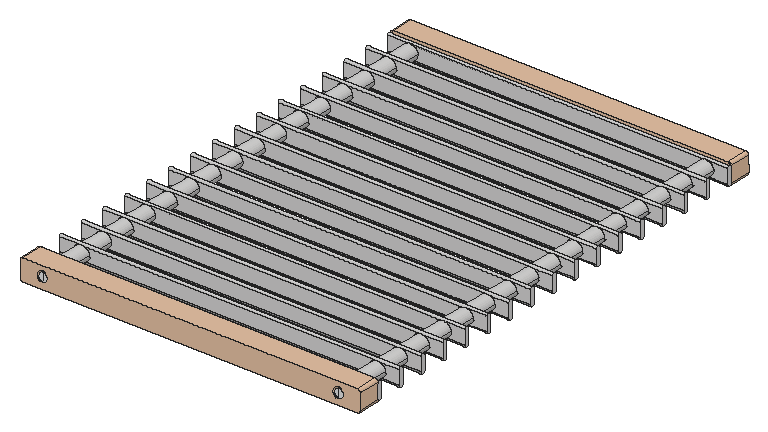
Revit family "Accessory-Sink_Rack-KOHLER-K-37923-1", category Specialty Equipment, host Face, Revit 2022
Family settings
  Host = Face
  Round Connector Dimension = Use Diameter
  Part Type = Normal
  OmniClass Number = 23.31.25.00
  Cut with Voids When Loaded = No
  Maintain Annotation Orientation = No
  Shared = No
  Room Calculation Point = No
Parameters (values of type "MPL, NA-Stainless")
  Width = 11.50039"  # constant formula
  WaterSense Certified = 1 = 0  # no
  URL = "https://www.us.kohler.com/us/"
  Type = 4
  Secondary Finish = Kohler-Wood-1WR-Natural_Maple
  Product Page URL = "http://www.us.kohler.com/us/catalog/productDetails.jsp?productNumber=37923-MPL"
  Product Name = ""
  Product Documentation Link = "https://www.us.kohler.com/webassets/kpna/catalog/pdf/en/K-37923-MPL_spec_US-CA_Kohler_en.pdf"
  Model = if(Type = 1, "K-37923-PAP-NA", if(Type = 2, "K-37923-WAL-NA", if(Type = 3, "K-37923-WHK-NA", if(Type = 4, "K-37923-MPL-NA", "NA"))))  # "K-37923-MPL-NA"
  Material = "Stainless Steel"  # constant formula
  Master Format 2014 Name = "Toilet, Bath, and Laundry Accessories"  # constant formula
  Master Format 2014 = "10 28 00"  # constant formula
  Manufacturer Address = "444 Highland Dr, Kohler, WI 53044"  # constant formula
  Manufacturer = "Kohler Co."  # constant formula
  Length = 16.38031"  # constant formula
  Height = 0.72087"  # constant formula
  Finish = Kohler-Metal-NA-Stainless
  Environmental Product Declaration = ""
  Description = "Pot Rack"  # constant formula
  Default Elevation = 42"
  Declare Label = ""
  Date Modified = "10/15/2025"  # constant formula
  Date Created = "16/12/2024"  # constant formula
  Copyright = "Copyright Kohler Co."  # constant formula
  Contact Us = "https://www.us.kohler.com/us/static/contact.jsp"
  Assembly Code = "C1030200"
  ADA Compliant = 1 = 0  # no
Reference planes (in)
  plane 1 "Center (Front/Back)": y = 0
  plane 2: z = 0
  plane 3 "Center (Left/Right)": x = 0
  plane 4: z = 0.72087
  plane 5: y = 8.19016
  plane 6: y = -8.19016
  plane 7: x = 5.7502
  plane 8: x = -5.7502
  plane 9: y = -7.34319
  plane 10: y = 7.34366
  plane 11: z = 0.61002
  plane 12: z = 0.11035
  plane 13: x = 5
  plane 14: x = -5
Dimensions and locks (in)
  "Height": plane 4 to level
  equal spacing: plane 5, plane 1 "Center (Front/Back)", plane 6
  "Width": plane 8 to plane 7
  "Length": plane 5 to plane 6
  equal spacing: plane 8, plane 3 "Center (Left/Right)", plane 7
  plane 5 to plane 10 = 0.8465"
  plane 9 to plane 6 = 0.84697"
  plane 13 to plane 14 = 10"
  aligned and locked: plane 2 to host face
  aligned and locked: level to host face
  aligned and locked: plane 3 "Center (Left/Right)" to nested 1
  aligned and locked: plane 1 "Center (Front/Back)" to nested 1
Automatic sketch dimensions
  host sketch curve to host sketch curve = 96"  (x2)
Nested families (in)
  nested 1: "K-37923" at (0, 0, 0), type "K-37923"
Definition of nested family "K-37923"
  Parameters (values of type "K-37923")
    Secondary Finish = none
    Material = none
    Default Elevation = 0"
  Reference planes (in)
    plane 1 "Center (Front/Back)": y = 0
    plane 2: z = 0
    plane 3 "Center (Left/Right)": x = 0
    plane 4: x = 5.75027
    plane 5: x = -5.75027
    plane 6: z = 0.72099
    plane 7: y = -8.1901
    plane 8: y = 8.1901
    plane 9: x = -5
    plane 10: x = 5
  Forms (in)
    Extrusion 1, solid, material <- "Secondary Finish", detail levels medium+fine
      sketch origin (0, 0, 0) x (1, 0, 0) y (0, 0, 1)
        loop
          arc (-5.65228, 0.72099) -> (-5.72157, 0.69229) -> (-5.75027, 0.623) r 0.09799
          line (-5.75027, 0.623) -> (-5.75027, 0.09843)
          arc (-5.75027, 0.09843) -> (-5.72144, 0.02883) -> (-5.65184, 0) r 0.09843
          line (-5.65184, 0) -> (5.65184, 0)
          arc (5.65184, 0) -> (5.72144, 0.02883) -> (5.75027, 0.09843) r 0.09843
          line (5.75027, 0.09843) -> (5.75027, 0.62257)
          arc (5.75027, 0.62257) -> (5.72144, 0.69217) -> (5.65184, 0.72099) r 0.09843
          line (5.65184, 0.72099) -> (-5.65228, 0.72099)
      from -8.1901 to -7.4601
    Extrusion 2, solid, material <- "Secondary Finish", detail levels medium+fine
      sketch origin (0, 0, 0) x (1, 0, 0) y (0, 0, -1)
        loop
          line (-5.65228, -0.72099) -> (5.65184, -0.72099)
          arc (5.65184, -0.72099) -> (5.72144, -0.69217) -> (5.75027, -0.62257) r 0.09843
          line (5.75027, -0.62257) -> (5.75027, -0.09843)
          arc (5.75027, -0.09843) -> (5.72144, -0.02883) -> (5.65184, 0) r 0.09843
          line (5.65184, 0) -> (-5.65184, 0)
          arc (-5.65184, 0) -> (-5.72144, -0.02883) -> (-5.75027, -0.09843) r 0.09843
          line (-5.75027, -0.09843) -> (-5.75027, -0.623)
          arc (-5.75027, -0.623) -> (-5.72157, -0.69229) -> (-5.65228, -0.72099) r 0.09799
      from -8.1901 to -7.4601
    Extrusion 3, solid, material <- "Material"
      sketch origin (0, 0, 0) x (1, 0, 0) y (0, 0, 1)
        loop
          circle (-5, 0.36003) r 0.25
        loop
          circle (5, 0.36003) r 0.25
      from -7.3436 to 7.3473
    Extrusion 4, solid, material <- "Material", detail levels medium+fine
      sketch origin (0, 0, 0) x (0, 1, 0) y (0, 0, 1)
        loop
          arc (7.4601, 0.59825) -> (7.40185, 0.6565) -> (7.3436, 0.59825) r 0.05825
          line (7.3436, 0.59825) -> (7.3436, 0.12255)
          arc (7.3436, 0.12255) -> (7.40185, 0.0643) -> (7.4601, 0.12255) r 0.05825
          line (7.4601, 0.12255) -> (7.4601, 0.59825)
        loop
          arc (6.53522, 0.59825) -> (6.47697, 0.6565) -> (6.41872, 0.59825) r 0.05825
          line (6.41872, 0.59825) -> (6.41872, 0.12255)
          arc (6.41872, 0.12255) -> (6.47697, 0.0643) -> (6.53522, 0.12255) r 0.05825
          line (6.53522, 0.12255) -> (6.53522, 0.59825)
        loop
          arc (5.61007, 0.59825) -> (5.55182, 0.6565) -> (5.49357, 0.59825) r 0.05825
          line (5.49357, 0.59825) -> (5.49357, 0.12255)
          arc (5.49357, 0.12255) -> (5.55182, 0.0643) -> (5.61007, 0.12255) r 0.05825
          line (5.61007, 0.12255) -> (5.61007, 0.59825)
        loop
          arc (4.68508, 0.59825) -> (4.62683, 0.6565) -> (4.56858, 0.59825) r 0.05825
          line (4.56858, 0.59825) -> (4.56858, 0.12255)
          arc (4.56858, 0.12255) -> (4.62683, 0.0643) -> (4.68508, 0.12255) r 0.05825
          line (4.68508, 0.12255) -> (4.68508, 0.59825)
        loop
          arc (3.76011, 0.59825) -> (3.70186, 0.6565) -> (3.64361, 0.59825) r 0.05825
          line (3.64361, 0.59825) -> (3.64361, 0.12255)
          arc (3.64361, 0.12255) -> (3.70186, 0.0643) -> (3.76011, 0.12255) r 0.05825
          line (3.76011, 0.12255) -> (3.76011, 0.59825)
        loop
          arc (2.83503, 0.59825) -> (2.77678, 0.6565) -> (2.71853, 0.59825) r 0.05825
          line (2.71853, 0.59825) -> (2.71853, 0.12255)
          arc (2.71853, 0.12255) -> (2.77678, 0.0643) -> (2.83503, 0.12255) r 0.05825
          line (2.83503, 0.12255) -> (2.83503, 0.59825)
        loop
          arc (1.91023, 0.59825) -> (1.85198, 0.6565) -> (1.79373, 0.59825) r 0.05825
          line (1.79373, 0.59825) -> (1.79373, 0.12255)
          arc (1.79373, 0.12255) -> (1.85198, 0.0643) -> (1.91023, 0.12255) r 0.05825
          line (1.91023, 0.12255) -> (1.91023, 0.59825)
        loop
          line (0.86893, 0.59825) -> (0.86893, 0.12255)
          arc (0.86893, 0.12255) -> (0.92718, 0.0643) -> (0.98543, 0.12255) r 0.05825
          line (0.98543, 0.12255) -> (0.98543, 0.59825)
          arc (0.98543, 0.59825) -> (0.92718, 0.6565) -> (0.86893, 0.59825) r 0.05825
        loop
          line (-7.4601, 0.59825) -> (-7.4601, 0.12255)
          arc (-7.4601, 0.12255) -> (-7.40185, 0.0643) -> (-7.3436, 0.12255) r 0.05825
          line (-7.3436, 0.12255) -> (-7.3436, 0.59825)
          arc (-7.3436, 0.59825) -> (-7.40185, 0.6565) -> (-7.4601, 0.59825) r 0.05825
        loop
          line (-6.53522, 0.59825) -> (-6.53522, 0.12255)
          arc (-6.53522, 0.12255) -> (-6.47697, 0.0643) -> (-6.41872, 0.12255) r 0.05825
          line (-6.41872, 0.12255) -> (-6.41872, 0.59825)
          arc (-6.41872, 0.59825) -> (-6.47697, 0.6565) -> (-6.53522, 0.59825) r 0.05825
        loop
          line (-5.61007, 0.59825) -> (-5.61007, 0.12255)
          arc (-5.61007, 0.12255) -> (-5.55182, 0.0643) -> (-5.49357, 0.12255) r 0.05825
          line (-5.49357, 0.12255) -> (-5.49357, 0.59825)
          arc (-5.49357, 0.59825) -> (-5.55182, 0.6565) -> (-5.61007, 0.59825) r 0.05825
        loop
          line (-4.68508, 0.59825) -> (-4.68508, 0.12255)
          arc (-4.68508, 0.12255) -> (-4.62683, 0.0643) -> (-4.56858, 0.12255) r 0.05825
          line (-4.56858, 0.12255) -> (-4.56858, 0.59825)
          arc (-4.56858, 0.59825) -> (-4.62683, 0.6565) -> (-4.68508, 0.59825) r 0.05825
        loop
          line (-3.76011, 0.59825) -> (-3.76011, 0.12255)
          arc (-3.76011, 0.12255) -> (-3.70186, 0.0643) -> (-3.64361, 0.12255) r 0.05825
          line (-3.64361, 0.12255) -> (-3.64361, 0.59825)
          arc (-3.64361, 0.59825) -> (-3.70186, 0.6565) -> (-3.76011, 0.59825) r 0.05825
        loop
          line (-2.83503, 0.59825) -> (-2.83503, 0.12255)
          arc (-2.83503, 0.12255) -> (-2.77678, 0.0643) -> (-2.71853, 0.12255) r 0.05825
          line (-2.71853, 0.12255) -> (-2.71853, 0.59825)
          arc (-2.71853, 0.59825) -> (-2.77678, 0.6565) -> (-2.83503, 0.59825) r 0.05825
        loop
          line (-1.91023, 0.59825) -> (-1.91023, 0.12255)
          arc (-1.91023, 0.12255) -> (-1.85198, 0.0643) -> (-1.79373, 0.12255) r 0.05825
          line (-1.79373, 0.12255) -> (-1.79373, 0.59825)
          arc (-1.79373, 0.59825) -> (-1.85198, 0.6565) -> (-1.91023, 0.59825) r 0.05825
        loop
          arc (-0.86893, 0.59825) -> (-0.92718, 0.6565) -> (-0.98543, 0.59825) r 0.05825
          line (-0.98543, 0.59825) -> (-0.98543, 0.12255)
          arc (-0.98543, 0.12255) -> (-0.92718, 0.0643) -> (-0.86893, 0.12255) r 0.05825
          line (-0.86893, 0.12255) -> (-0.86893, 0.59825)
        loop
          line (-0.05825, 0.59825) -> (-0.05825, 0.12255)
          arc (-0.05825, 0.12255) -> (0, 0.0643) -> (0.05825, 0.12255) r 0.05825
          line (0.05825, 0.12255) -> (0.05825, 0.59825)
          arc (0.05825, 0.59825) -> (0, 0.6565) -> (-0.05825, 0.59825) r 0.05825
      from -5.75027 to 5.75027
    Extrusion 5, void
      sketch origin (0, 0, 0) x (1, 0, 0) y (0, 0, 1)
        loop
          circle (-5, 0.36003) r 0.25984
        loop
          circle (5, 0.36003) r 0.25984
      from -8.1901 to 7.85581
    Revolve 6, void
      sketch origin (5, -180, 0.44359) x (0, 0, 1) y (0, -1, 0)
        loop
          line (0.16876, -188.26636) -> (0, -188.0976) -> (0, -187.8901) -> (0.1675, -187.8901) -> (0.1675, -187.4601) -> (-0.0825, -187.4601) -> (-0.0825, -188.26636) -> (0.16876, -188.26636)
        axis (-0.0825, -187.4601) -> (-0.0825, -188.26636)
      angle from 0 to 360
    Revolve 7, solid, detail levels medium+fine
      sketch origin (5, -180, 0.44359) x (0, 0, 1) y (0, -1, 0)
        loop
          line (0.08078, -188.17225) -> (-0.0038, -188.08768) -> (-0.0038, -187.86569) -> (0.10764, -187.86569) -> (0.10764, -187.4601) -> (-0.0825, -187.4601) -> (-0.0825, -188.17225) -> (0.08078, -188.17225)
        axis (-0.0825, -187.4601) -> (-0.0825, -188.17225)
      angle from 0 to 360
    Revolve 8, void
      sketch origin (-5, -180, 0.44359) x (0, 0, 1) y (0, -1, 0)
        loop
          line (0.16876, -188.26636) -> (0, -188.0976) -> (0, -187.8901) -> (0.1675, -187.8901) -> (0.1675, -187.4601) -> (-0.0825, -187.4601) -> (-0.0825, -188.26636) -> (0.16876, -188.26636)
        axis (-0.0825, -187.4601) -> (-0.0825, -188.26636)
      angle from 0 to 360
    Revolve 9, solid, detail levels medium+fine
      sketch origin (-5, -180, 0.44359) x (0, 0, 1) y (0, -1, 0)
        loop
          line (0.08078, -188.17225) -> (-0.0038, -188.08768) -> (-0.0038, -187.86569) -> (0.10764, -187.86569) -> (0.10764, -187.4601) -> (-0.0825, -187.4601) -> (-0.0825, -188.17225) -> (0.08078, -188.17225)
        axis (-0.0825, -187.4601) -> (-0.0825, -188.17225)
      angle from 0 to 360
    Revolve 10, void
      sketch origin (5, 180, 0.44359) x (0, 0, 1) y (0, 1, 0)
        loop
          line (0.16876, -188.26636) -> (0, -188.0976) -> (0, -187.8901) -> (0.1675, -187.8901) -> (0.1675, -187.4601) -> (-0.0825, -187.4601) -> (-0.0825, -188.26636) -> (0.16876, -188.26636)
        axis (-0.0825, -187.4601) -> (-0.0825, -188.26636)
      angle from 0 to 360
    Revolve 11, solid, detail levels medium+fine
      sketch origin (5, 180, 0.44359) x (0, 0, 1) y (0, 1, 0)
        loop
          line (0.08078, -188.17225) -> (-0.0038, -188.08768) -> (-0.0038, -187.86569) -> (0.10764, -187.86569) -> (0.10764, -187.4601) -> (-0.0825, -187.4601) -> (-0.0825, -188.17225) -> (0.08078, -188.17225)
        axis (-0.0825, -187.4601) -> (-0.0825, -188.17225)
      angle from 0 to 360
    Revolve 12, void
      sketch origin (-5, 180, 0.44359) x (0, 0, 1) y (0, -1, 0)
        loop
          line (0.16876, 188.26636) -> (-0.0825, 188.26636) -> (-0.0825, 187.4601) -> (0.1675, 187.4601) -> (0.1675, 187.8901) -> (0, 187.8901) -> (0, 188.0976) -> (0.16876, 188.26636)
        axis (-0.0825, 187.4601) -> (-0.0825, 188.26636)
      angle from 0 to 360
    Revolve 13, solid, detail levels medium+fine
      sketch origin (-5, 180, 0.44359) x (0, 0, 1) y (0, -1, 0)
        loop
          line (0.08078, 188.17225) -> (-0.0825, 188.17225) -> (-0.0825, 187.4601) -> (0.10764, 187.4601) -> (0.10764, 187.86569) -> (-0.0038, 187.86569) -> (-0.0038, 188.08768) -> (0.08078, 188.17225)
        axis (-0.0825, 187.4601) -> (-0.0825, 188.17225)
      angle from 0 to 360
    Extrusion 14, solid, material <- "Material", detail levels coarse
      sketch origin (0, 0, 0) x (0, 1, 0) y (0, 0, 1)
        loop
          line (7.4601, 0.6565) -> (7.3436, 0.6565) -> (7.3436, 0.06569) -> (7.4601, 0.06569) -> (7.4601, 0.6565)
        loop
          line (6.53522, 0.6565) -> (6.41872, 0.6565) -> (6.41872, 0.06569) -> (6.53522, 0.06569) -> (6.53522, 0.6565)
        loop
          line (5.61007, 0.6565) -> (5.49357, 0.6565) -> (5.49357, 0.06569) -> (5.61007, 0.06569) -> (5.61007, 0.6565)
        loop
          line (4.68508, 0.6565) -> (4.56858, 0.6565) -> (4.56858, 0.06569) -> (4.68508, 0.06569) -> (4.68508, 0.6565)
        loop
          line (3.76011, 0.6565) -> (3.64361, 0.6565) -> (3.64361, 0.06569) -> (3.76011, 0.06569) -> (3.76011, 0.6565)
        loop
          line (2.83503, 0.6565) -> (2.71853, 0.6565) -> (2.71853, 0.06569) -> (2.83503, 0.06569) -> (2.83503, 0.6565)
        loop
          line (1.91023, 0.6565) -> (1.79373, 0.6565) -> (1.79373, 0.06569) -> (1.91023, 0.06569) -> (1.91023, 0.6565)
        loop
          line (0.86893, 0.6565) -> (0.86893, 0.06569) -> (0.98543, 0.06569) -> (0.98543, 0.6565) -> (0.86893, 0.6565)
        loop
          line (-7.4601, 0.6565) -> (-7.4601, 0.06569) -> (-7.3436, 0.06569) -> (-7.3436, 0.6565) -> (-7.4601, 0.6565)
        loop
          line (-6.53522, 0.6565) -> (-6.53522, 0.06569) -> (-6.41872, 0.06569) -> (-6.41872, 0.6565) -> (-6.53522, 0.6565)
        loop
          line (-5.61007, 0.6565) -> (-5.61007, 0.06569) -> (-5.49357, 0.06569) -> (-5.49357, 0.6565) -> (-5.61007, 0.6565)
        loop
          line (-4.68508, 0.6565) -> (-4.68508, 0.06569) -> (-4.56858, 0.06569) -> (-4.56858, 0.6565) -> (-4.68508, 0.6565)
        loop
          line (-3.76011, 0.6565) -> (-3.76011, 0.06569) -> (-3.64361, 0.06569) -> (-3.64361, 0.6565) -> (-3.76011, 0.6565)
        loop
          line (-2.83503, 0.6565) -> (-2.83503, 0.06569) -> (-2.71853, 0.06569) -> (-2.71853, 0.6565) -> (-2.83503, 0.6565)
        loop
          line (-1.91023, 0.6565) -> (-1.91023, 0.06569) -> (-1.79373, 0.06569) -> (-1.79373, 0.6565) -> (-1.91023, 0.6565)
        loop
          line (-0.86893, 0.6565) -> (-0.98543, 0.6565) -> (-0.98543, 0.06569) -> (-0.86893, 0.06569) -> (-0.86893, 0.6565)
        loop
          line (-0.05825, 0.6565) -> (-0.05825, 0.06569) -> (0.05825, 0.06569) -> (0.05825, 0.6565) -> (-0.05825, 0.6565)
      from -5.75027 to 5.75027
    Extrusion 15, solid, material <- "Secondary Finish", detail levels coarse
      sketch origin (0, 0, 0) x (1, 0, 0) y (0, 0, 1)
        loop
          line (5.75027, 0.72099) -> (-5.75027, 0.72099) -> (-5.75027, 0) -> (5.75027, 0) -> (5.75027, 0.72099)
      from 7.4601 to 8.1901
    Extrusion 16, solid, material <- "Secondary Finish", detail levels coarse
      sketch origin (0, 0, 0) x (1, 0, 0) y (0, 0, -1)
        loop
          line (5.75027, -0.72099) -> (5.75027, 0) -> (-5.75027, 0) -> (-5.75027, -0.72099) -> (5.75027, -0.72099)
      from 7.4601 to 8.1901
  Cuts and joins
    Extrusion 5 cuts Extrusion 4
    Revolve 6, Revolve 8, Revolve 10, Revolve 12 cuts Extrusion 1
    Revolve 10, Revolve 12 cuts Extrusion 2
  Lines and regions (in)
    Masking region 1
      outline origin (0, 0, 0) x (1, 0, 0) y (0, 1, 0)
        loop
          line (-5.75027, 8.1901) -> (-5.75027, 7.4601) -> (-5.70106, 7.4601)
          arc (-5.70106, 7.4601) -> (-5.7499, 7.39743) -> (-5.69146, 7.3436) r 0.05865
          line (-5.69146, 7.3436) -> (-5.25, 7.3436) -> (-5.25, 6.53522) -> (-5.6919, 6.53522)
          arc (-5.6919, 6.53522) -> (-5.75015, 6.47697) -> (-5.6919, 6.41872) r 0.05825
          line (-5.6919, 6.41872) -> (-5.25, 6.41872) -> (-5.25, 5.61007) -> (-5.69075, 5.61007)
          arc (-5.69075, 5.61007) -> (-5.749, 5.55182) -> (-5.69075, 5.49357) r 0.05825
          line (-5.69075, 5.49357) -> (-5.25, 5.49357) -> (-5.25, 4.68508) -> (-5.69178, 4.68508)
          arc (-5.69178, 4.68508) -> (-5.75003, 4.62683) -> (-5.69178, 4.56858) r 0.05825
          line (-5.69178, 4.56858) -> (-5.25, 4.56858) -> (-5.25, 3.76011) -> (-5.69211, 3.76011)
          arc (-5.69211, 3.76011) -> (-5.75036, 3.70186) -> (-5.69211, 3.64361) r 0.05825
          line (-5.69211, 3.64361) -> (-5.25, 3.64361) -> (-5.25, 2.83503) -> (-5.69101, 2.83503)
          arc (-5.69101, 2.83503) -> (-5.74926, 2.77678) -> (-5.69101, 2.71853) r 0.05825
          line (-5.69101, 2.71853) -> (-5.25, 2.71853) -> (-5.25, 1.91023) -> (-5.69274, 1.91023)
          arc (-5.69274, 1.91023) -> (-5.75099, 1.85198) -> (-5.69274, 1.79373) r 0.05825
          line (-5.69274, 1.79373) -> (-5.25, 1.79373) -> (-5.25, 0.98543) -> (-5.69235, 0.98543)
          arc (-5.69235, 0.98543) -> (-5.7506, 0.92718) -> (-5.69235, 0.86893) r 0.05825
          line (-5.69235, 0.86893) -> (-5.25, 0.86893) -> (-5.25, 0.05825) -> (-5.69193, 0.05825)
          arc (-5.69193, 0.05825) -> (-5.75018, 0) -> (-5.69193, -0.05825) r 0.05825
          line (-5.69193, -0.05825) -> (-5.25, -0.05825) -> (-5.25, -0.86893) -> (-5.69235, -0.86893)
          arc (-5.69235, -0.86893) -> (-5.7506, -0.92718) -> (-5.69235, -0.98543) r 0.05825
          line (-5.69235, -0.98543) -> (-5.25, -0.98543) -> (-5.25, -1.79373) -> (-5.69274, -1.79373)
          arc (-5.69274, -1.79373) -> (-5.75099, -1.85198) -> (-5.69274, -1.91023) r 0.05825
          line (-5.69274, -1.91023) -> (-5.25, -1.91023) -> (-5.25, -2.71853) -> (-5.69101, -2.71853)
          arc (-5.69101, -2.71853) -> (-5.74926, -2.77678) -> (-5.69101, -2.83503) r 0.05825
          line (-5.69101, -2.83503) -> (-5.25, -2.83503) -> (-5.25, -3.64361) -> (-5.69211, -3.64361)
          arc (-5.69211, -3.64361) -> (-5.75036, -3.70186) -> (-5.69211, -3.76011) r 0.05825
          line (-5.69211, -3.76011) -> (-5.25, -3.76011) -> (-5.25, -4.56858) -> (-5.69178, -4.56858)
          arc (-5.69178, -4.56858) -> (-5.75003, -4.62683) -> (-5.69178, -4.68508) r 0.05825
          line (-5.69178, -4.68508) -> (-5.25, -4.68508) -> (-5.25, -5.49357) -> (-5.69075, -5.49357)
          arc (-5.69075, -5.49357) -> (-5.749, -5.55182) -> (-5.69075, -5.61007) r 0.05825
          line (-5.69075, -5.61007) -> (-5.25, -5.61007) -> (-5.25, -6.41872) -> (-5.6919, -6.41872)
          arc (-5.6919, -6.41872) -> (-5.75015, -6.47697) -> (-5.6919, -6.53522) r 0.05825
          line (-5.6919, -6.53522) -> (-5.25, -6.53522) -> (-5.25, -7.3436) -> (-5.69188, -7.3436)
          arc (-5.69188, -7.3436) -> (-5.75027, -7.39805) -> (-5.70002, -7.4601) r 0.05853
          line (-5.70002, -7.4601) -> (-5.75027, -7.4601) -> (-5.75027, -8.1901) -> (5.75027, -8.1901) -> (5.75027, -7.4601) -> (5.70002, -7.4601)
          arc (5.70002, -7.4601) -> (5.75027, -7.39805) -> (5.69188, -7.3436) r 0.05853
          line (5.69188, -7.3436) -> (5.25, -7.3436) -> (5.25, -6.53522) -> (5.6919, -6.53522)
          arc (5.6919, -6.53522) -> (5.75015, -6.47697) -> (5.6919, -6.41872) r 0.05825
          line (5.6919, -6.41872) -> (5.25, -6.41872) -> (5.25, -5.61007) -> (5.69075, -5.61007)
          arc (5.69075, -5.61007) -> (5.749, -5.55182) -> (5.69075, -5.49357) r 0.05825
          line (5.69075, -5.49357) -> (5.25, -5.49357) -> (5.25, -4.68508) -> (5.69178, -4.68508)
          arc (5.69178, -4.68508) -> (5.75003, -4.62683) -> (5.69178, -4.56858) r 0.05825
          line (5.69178, -4.56858) -> (5.25, -4.56858) -> (5.25, -3.76011) -> (5.69211, -3.76011)
          arc (5.69211, -3.76011) -> (5.75036, -3.70186) -> (5.69211, -3.64361) r 0.05825
          line (5.69211, -3.64361) -> (5.25, -3.64361) -> (5.25, -2.83503) -> (5.69101, -2.83503)
          arc (5.69101, -2.83503) -> (5.74926, -2.77678) -> (5.69101, -2.71853) r 0.05825
          line (5.69101, -2.71853) -> (5.25, -2.71853) -> (5.25, -1.91023) -> (5.69274, -1.91023)
          arc (5.69274, -1.91023) -> (5.75099, -1.85198) -> (5.69274, -1.79373) r 0.05825
          line (5.69274, -1.79373) -> (5.25, -1.79373) -> (5.25, -0.98543) -> (5.69235, -0.98543)
          arc (5.69235, -0.98543) -> (5.7506, -0.92718) -> (5.69235, -0.86893) r 0.05825
          line (5.69235, -0.86893) -> (5.25, -0.86893) -> (5.25, -0.05825) -> (5.69193, -0.05825)
          arc (5.69193, -0.05825) -> (5.75018, 0) -> (5.69193, 0.05825) r 0.05825
          line (5.69193, 0.05825) -> (5.25, 0.05825) -> (5.25, 0.86893) -> (5.69235, 0.86893)
          arc (5.69235, 0.86893) -> (5.7506, 0.92718) -> (5.69235, 0.98543) r 0.05825
          line (5.69235, 0.98543) -> (5.25, 0.98543) -> (5.25, 1.79373) -> (5.69274, 1.79373)
          arc (5.69274, 1.79373) -> (5.75099, 1.85198) -> (5.69274, 1.91023) r 0.05825
          line (5.69274, 1.91023) -> (5.25, 1.91023) -> (5.25, 2.71853) -> (5.69101, 2.71853)
          arc (5.69101, 2.71853) -> (5.74926, 2.77678) -> (5.69101, 2.83503) r 0.05825
          line (5.69101, 2.83503) -> (5.25, 2.83503) -> (5.25, 3.64361) -> (5.69211, 3.64361)
          arc (5.69211, 3.64361) -> (5.75036, 3.70186) -> (5.69211, 3.76011) r 0.05825
          line (5.69211, 3.76011) -> (5.25, 3.76011) -> (5.25, 4.56858) -> (5.69178, 4.56858)
          arc (5.69178, 4.56858) -> (5.75003, 4.62683) -> (5.69178, 4.68508) r 0.05825
          line (5.69178, 4.68508) -> (5.25, 4.68508) -> (5.25, 5.49357) -> (5.69075, 5.49357)
          arc (5.69075, 5.49357) -> (5.749, 5.55182) -> (5.69075, 5.61007) r 0.05825
          line (5.69075, 5.61007) -> (5.25, 5.61007) -> (5.25, 6.41872) -> (5.6919, 6.41872)
          arc (5.6919, 6.41872) -> (5.75015, 6.47697) -> (5.6919, 6.53522) r 0.05825
          line (5.6919, 6.53522) -> (5.25, 6.53522) -> (5.25, 7.3436) -> (5.69146, 7.3436)
          arc (5.69146, 7.3436) -> (5.7499, 7.39743) -> (5.70106, 7.4601) r 0.05865
          line (5.70106, 7.4601) -> (5.75027, 7.4601) -> (5.75027, 8.1901) -> (-5.75027, 8.1901)
        loop
          line (4.75, 7.3436) -> (-4.75, 7.3436) -> (-4.75, 6.53522) -> (4.75, 6.53522) -> (4.75, 7.3436)
        loop
          line (4.75, 6.41872) -> (-4.75, 6.41872) -> (-4.75, 5.61007) -> (4.75, 5.61007) -> (4.75, 6.41872)
        loop
          line (4.75, -7.3436) -> (4.75, -6.53522) -> (-4.75, -6.53522) -> (-4.75, -7.3436) -> (4.75, -7.3436)
        loop
          line (4.75, -6.41872) -> (4.75, -5.61007) -> (-4.75, -5.61007) -> (-4.75, -6.41872) -> (4.75, -6.41872)
        loop
          line (4.75, -5.49357) -> (4.75, -4.68508) -> (-4.75, -4.68508) -> (-4.75, -5.49357) -> (4.75, -5.49357)
        loop
          line (4.75, -4.56858) -> (4.75, -3.76011) -> (-4.75, -3.76011) -> (-4.75, -4.56858) -> (4.75, -4.56858)
        loop
          line (4.75, -3.64361) -> (4.75, -2.83503) -> (-4.75, -2.83503) -> (-4.75, -3.64361) -> (4.75, -3.64361)
        loop
          line (4.75, -2.71853) -> (4.75, -1.91023) -> (-4.75, -1.91023) -> (-4.75, -2.71853) -> (4.75, -2.71853)
        loop
          line (4.75, -1.79373) -> (4.75, -0.98543) -> (-4.75, -0.98543) -> (-4.75, -1.79373) -> (4.75, -1.79373)
        loop
          line (4.75, -0.86893) -> (4.75, -0.05825) -> (-4.75, -0.05825) -> (-4.75, -0.86893) -> (4.75, -0.86893)
        loop
          line (4.75, 0.05825) -> (4.75, 0.86893) -> (-4.75, 0.86893) -> (-4.75, 0.05825) -> (4.75, 0.05825)
        loop
          line (4.75, 0.98543) -> (4.75, 1.79373) -> (-4.75, 1.79373) -> (-4.75, 0.98543) -> (4.75, 0.98543)
        loop
          line (4.75, 1.91023) -> (4.75, 2.71853) -> (-4.75, 2.71853) -> (-4.75, 1.91023) -> (4.75, 1.91023)
        loop
          line (4.75, 2.83503) -> (4.75, 3.64361) -> (-4.75, 3.64361) -> (-4.75, 2.83503) -> (4.75, 2.83503)
        loop
          line (4.75, 3.76011) -> (4.75, 4.56858) -> (-4.75, 4.56858) -> (-4.75, 3.76011) -> (4.75, 3.76011)
        loop
          line (4.75, 4.68508) -> (4.75, 5.49357) -> (-4.75, 5.49357) -> (-4.75, 4.68508) -> (4.75, 4.68508)
    Masking region 2
      outline origin (0, 0, 0) x (1, 0, 0) y (0, 0, 1)
        loop
          line (5.65184, 0.72099) -> (-5.65228, 0.72099)
          arc (-5.65228, 0.72099) -> (-5.72157, 0.69229) -> (-5.75027, 0.623) r 0.09799
          line (-5.75027, 0.623) -> (-5.75027, 0.09843)
          arc (-5.75027, 0.09843) -> (-5.72144, 0.02883) -> (-5.65184, 0) r 0.09843
          line (-5.65184, 0) -> (5.65184, 0)
          arc (5.65184, 0) -> (5.72144, 0.02883) -> (5.75027, 0.09843) r 0.09843
          line (5.75027, 0.09843) -> (5.75027, 0.62257)
          arc (5.75027, 0.62257) -> (5.72144, 0.69217) -> (5.65184, 0.72099) r 0.09843
    Masking region 3
      outline origin (0, 0, 0) x (0, 1, 0) y (0, 0, 1)
        loop
          line (8.1901, 0.72099) -> (7.4601, 0.72099) -> (7.4601, 0.59825)
          arc (7.4601, 0.59825) -> (7.40777, 0.6562) -> (7.3448, 0.61003) r 0.05825
          line (7.3448, 0.61003) -> (6.53401, 0.61003)
          arc (6.53401, 0.61003) -> (6.47697, 0.6565) -> (6.41992, 0.61003) r 0.05825
          line (6.41992, 0.61003) -> (5.60887, 0.61003)
          arc (5.60887, 0.61003) -> (5.55182, 0.6565) -> (5.49477, 0.61003) r 0.05825
          line (5.49477, 0.61003) -> (4.68388, 0.61003)
          arc (4.68388, 0.61003) -> (4.62683, 0.6565) -> (4.56978, 0.61003) r 0.05825
          line (4.56978, 0.61003) -> (3.7589, 0.61003)
          arc (3.7589, 0.61003) -> (3.70186, 0.6565) -> (3.64481, 0.61003) r 0.05825
          line (3.64481, 0.61003) -> (2.83383, 0.61003)
          arc (2.83383, 0.61003) -> (2.77678, 0.6565) -> (2.71974, 0.61003) r 0.05825
          line (2.71974, 0.61003) -> (1.90903, 0.61003)
          arc (1.90903, 0.61003) -> (1.85198, 0.6565) -> (1.79493, 0.61003) r 0.05825
          line (1.79493, 0.61003) -> (0.98422, 0.61003)
          arc (0.98422, 0.61003) -> (0.92718, 0.6565) -> (0.87013, 0.61003) r 0.05825
          line (0.87013, 0.61003) -> (0.05705, 0.61003)
          arc (0.05705, 0.61003) -> (0, 0.6565) -> (-0.05705, 0.61003) r 0.05825
          line (-0.05705, 0.61003) -> (-0.87013, 0.61003)
          arc (-0.87013, 0.61003) -> (-0.92718, 0.6565) -> (-0.98422, 0.61003) r 0.05825
          line (-0.98422, 0.61003) -> (-1.79493, 0.61003)
          arc (-1.79493, 0.61003) -> (-1.85198, 0.6565) -> (-1.90903, 0.61003) r 0.05825
          line (-1.90903, 0.61003) -> (-2.71974, 0.61003)
          arc (-2.71974, 0.61003) -> (-2.77678, 0.6565) -> (-2.83383, 0.61003) r 0.05825
          line (-2.83383, 0.61003) -> (-3.64481, 0.61003)
          arc (-3.64481, 0.61003) -> (-3.70186, 0.6565) -> (-3.7589, 0.61003) r 0.05825
          line (-3.7589, 0.61003) -> (-4.56978, 0.61003)
          arc (-4.56978, 0.61003) -> (-4.62683, 0.6565) -> (-4.68388, 0.61003) r 0.05825
          line (-4.68388, 0.61003) -> (-5.49477, 0.61003)
          arc (-5.49477, 0.61003) -> (-5.55182, 0.6565) -> (-5.60887, 0.61003) r 0.05825
          line (-5.60887, 0.61003) -> (-6.41992, 0.61003)
          arc (-6.41992, 0.61003) -> (-6.47697, 0.6565) -> (-6.53401, 0.61003) r 0.05825
          line (-6.53401, 0.61003) -> (-7.3448, 0.61003)
          arc (-7.3448, 0.61003) -> (-7.40777, 0.6562) -> (-7.4601, 0.59825) r 0.05825
          line (-7.4601, 0.59825) -> (-7.4601, 0.72099) -> (-8.1901, 0.72099) -> (-8.1901, 0) -> (-7.4601, 0) -> (-7.4601, 0.12255)
          arc (-7.4601, 0.12255) -> (-7.40815, 0.06464) -> (-7.34496, 0.11003) r 0.05825
          line (-7.34496, 0.11003) -> (-6.53385, 0.11003)
          arc (-6.53385, 0.11003) -> (-6.47697, 0.0643) -> (-6.42008, 0.11003) r 0.05825
          line (-6.42008, 0.11003) -> (-5.60871, 0.11003)
          arc (-5.60871, 0.11003) -> (-5.55182, 0.0643) -> (-5.49493, 0.11003) r 0.05825
          line (-5.49493, 0.11003) -> (-4.68372, 0.11003)
          arc (-4.68372, 0.11003) -> (-4.62683, 0.0643) -> (-4.56994, 0.11003) r 0.05825
          line (-4.56994, 0.11003) -> (-3.75875, 0.11003)
          arc (-3.75875, 0.11003) -> (-3.70186, 0.0643) -> (-3.64497, 0.11003) r 0.05825
          line (-3.64497, 0.11003) -> (-2.83367, 0.11003)
          arc (-2.83367, 0.11003) -> (-2.77678, 0.0643) -> (-2.71989, 0.11003) r 0.05825
          line (-2.71989, 0.11003) -> (-1.90887, 0.11003)
          arc (-1.90887, 0.11003) -> (-1.85198, 0.0643) -> (-1.79509, 0.11003) r 0.05825
          line (-1.79509, 0.11003) -> (-0.98407, 0.11003)
          arc (-0.98407, 0.11003) -> (-0.92718, 0.0643) -> (-0.87029, 0.11003) r 0.05825
          line (-0.87029, 0.11003) -> (-0.05689, 0.11003)
          arc (-0.05689, 0.11003) -> (0, 0.0643) -> (0.05689, 0.11003) r 0.05825
          line (0.05689, 0.11003) -> (0.87029, 0.11003)
          arc (0.87029, 0.11003) -> (0.92718, 0.0643) -> (0.98407, 0.11003) r 0.05825
          line (0.98407, 0.11003) -> (1.79509, 0.11003)
          arc (1.79509, 0.11003) -> (1.85198, 0.0643) -> (1.90887, 0.11003) r 0.05825
          line (1.90887, 0.11003) -> (2.71989, 0.11003)
          arc (2.71989, 0.11003) -> (2.77678, 0.0643) -> (2.83367, 0.11003) r 0.05825
          line (2.83367, 0.11003) -> (3.64497, 0.11003)
          arc (3.64497, 0.11003) -> (3.70186, 0.0643) -> (3.75875, 0.11003) r 0.05825
          line (3.75875, 0.11003) -> (4.56994, 0.11003)
          arc (4.56994, 0.11003) -> (4.62683, 0.0643) -> (4.68372, 0.11003) r 0.05825
          line (4.68372, 0.11003) -> (5.49493, 0.11003)
          arc (5.49493, 0.11003) -> (5.55182, 0.0643) -> (5.60871, 0.11003) r 0.05825
          line (5.60871, 0.11003) -> (6.42008, 0.11003)
          arc (6.42008, 0.11003) -> (6.47697, 0.0643) -> (6.53385, 0.11003) r 0.05825
          line (6.53385, 0.11003) -> (7.34496, 0.11003)
          arc (7.34496, 0.11003) -> (7.40815, 0.06464) -> (7.4601, 0.12255) r 0.05825
          line (7.4601, 0.12255) -> (7.4601, 0) -> (8.1901, 0) -> (8.1901, 0.72099)
    symbolic lines, detail levels medium+fine
      curve 1: line (-5.75027, 7.4601, 0) -> (5.75027, 7.4601, 0)
      curve 2: line (-4.74016, 7.3436, 0) -> (-5.25984, 7.3436, 0)
      curve 3: line (-5.25984, 6.53522, 0) -> (-4.75, 6.53522, 0)
      curve 4: line (-4.74016, 6.41872, 0) -> (-5.25984, 6.41872, 0)
      curve 5: line (-5.25984, 5.61007, 0) -> (-4.74016, 5.61007, 0)
      curve 6: line (-4.75, 5.49357, 0) -> (-5.25, 5.49357, 0)
      curve 7: line (-5.25984, 4.68508, 0) -> (-4.74016, 4.68508, 0)
      curve 8: line (-4.75, 4.56858, 0) -> (-5.25984, 4.56858, 0)
      curve 9: line (-5.25984, 3.76011, 0) -> (-4.75, 3.76011, 0)
      curve 10: line (-4.75, 3.64361, 0) -> (-5.25, 3.64361, 0)
      curve 11: line (-5.25, 2.83503, 0) -> (-4.75, 2.83503, 0)
      curve 12: line (-4.75, 2.71853, 0) -> (-5.25984, 2.71853, 0)
      curve 13: line (-5.25, 1.91023, 0) -> (-4.75, 1.91023, 0)
      curve 14: line (-4.75, 1.79373, 0) -> (-5.25, 1.79373, 0)
      curve 15: line (-5.25984, 0.98543, 0) -> (-4.74016, 0.98543, 0)
      curve 16: line (-4.75, 0.86893, 0) -> (-5.25984, 0.86893, 0)
      curve 17: line (-5.25, 0.05825, 0) -> (-4.74016, 0.05825, 0)
      curve 18: line (-4.75, -0.05825, 0) -> (-5.25, -0.05825, 0)
      curve 19: line (-5.25, -0.86893, 0) -> (-4.75, -0.86893, 0)
      curve 20: line (-4.75, -0.98543, 0) -> (-5.25, -0.98543, 0)
      curve 21: line (-5.25984, -1.79373, 0) -> (-4.75, -1.79373, 0)
      curve 22: line (-5.25984, -1.91023, 0) -> (-4.75, -1.91023, 0)
      curve 23: line (-5.25, -2.71853, 0) -> (-4.74016, -2.71853, 0)
      curve 24: line (-5.25984, -2.83503, 0) -> (-4.75, -2.83503, 0)
      curve 25: line (-5.25984, -3.64361, 0) -> (-4.74016, -3.64361, 0)
      curve 26: line (-5.25984, -3.76011, 0) -> (-4.75, -3.76011, 0)
      curve 27: line (-5.25984, -4.56858, 0) -> (-4.74016, -4.56858, 0)
      curve 28: line (-5.25984, -4.68508, 0) -> (-4.75, -4.68508, 0)
      curve 29: line (-5.25, -5.49357, 0) -> (-4.75, -5.49357, 0)
      curve 30: line (-5.25984, -5.61007, 0) -> (-4.75, -5.61007, 0)
      curve 31: line (-5.25, -6.41872, 0) -> (-4.75, -6.41872, 0)
      curve 32: line (-5.25, -6.53522, 0) -> (-4.75, -6.53522, 0)
      curve 33: line (-5.25984, -7.3436, 0) -> (-4.75, -7.3436, 0)
      curve 34: line (4.74016, 7.3436, 0) -> (5.25984, 7.3436, 0)
      curve 35: line (5.25984, 6.53522, 0) -> (4.75, 6.53522, 0)
      curve 36: line (4.74016, 6.41872, 0) -> (5.25984, 6.41872, 0)
      curve 37: line (5.25984, 5.61007, 0) -> (4.74016, 5.61007, 0)
      curve 38: line (4.75, 5.49357, 0) -> (5.25, 5.49357, 0)
      curve 39: line (5.25984, 4.68508, 0) -> (4.74016, 4.68508, 0)
      curve 40: line (4.75, 4.56858, 0) -> (5.25984, 4.56858, 0)
      curve 41: line (5.25984, 3.76011, 0) -> (4.75, 3.76011, 0)
      curve 42: line (4.75, 3.64361, 0) -> (5.25, 3.64361, 0)
      curve 43: line (5.25, 2.83503, 0) -> (4.75, 2.83503, 0)
      curve 44: line (4.75, 2.71853, 0) -> (5.25984, 2.71853, 0)
      curve 45: line (5.25, 1.91023, 0) -> (4.75, 1.91023, 0)
      curve 46: line (4.75, 1.79373, 0) -> (5.25, 1.79373, 0)
      curve 47: line (5.25984, 0.98543, 0) -> (4.74016, 0.98543, 0)
      curve 48: line (4.75, 0.86893, 0) -> (5.25984, 0.86893, 0)
      curve 49: line (5.25, 0.05825, 0) -> (4.74016, 0.05825, 0)
      curve 50: line (4.75, -0.05825, 0) -> (5.25, -0.05825, 0)
      curve 51: line (5.25, -0.86893, 0) -> (4.75, -0.86893, 0)
      curve 52: line (4.75, -0.98543, 0) -> (5.25, -0.98543, 0)
      curve 53: line (5.25984, -1.79373, 0) -> (4.75, -1.79373, 0)
      curve 54: line (5.25984, -1.91023, 0) -> (4.75, -1.91023, 0)
      curve 55: line (5.25, -2.71853, 0) -> (4.74016, -2.71853, 0)
      curve 56: line (5.25984, -2.83503, 0) -> (4.75, -2.83503, 0)
      curve 57: line (5.25984, -3.64361, 0) -> (4.74016, -3.64361, 0)
      curve 58: line (5.25984, -3.76011, 0) -> (4.75, -3.76011, 0)
      curve 59: line (5.25984, -4.56858, 0) -> (4.74016, -4.56858, 0)
      curve 60: line (5.25984, -4.68508, 0) -> (4.75, -4.68508, 0)
      curve 61: line (5.25, -5.49357, 0) -> (4.75, -5.49357, 0)
      curve 62: line (5.25984, -5.61007, 0) -> (4.75, -5.61007, 0)
      curve 63: line (5.25, -6.41872, 0) -> (4.75, -6.41872, 0)
      curve 64: line (5.25, -6.53522, 0) -> (4.75, -6.53522, 0)
      curve 65: line (5.25984, -7.3436, 0) -> (4.75, -7.3436, 0)
      curve 66: line (5.75027, -7.4601, 0) -> (-5.75027, -7.4601, 0)
      curve 67: circle (-5, 0, 0.36109) r 0.15784 normal (0, -1, 0)
      curve 68: circle (-5, 0, 0.36109) r 0.175 normal (0, 1, 0)
      curve 69: circle (5, 0, 0.36109) r 0.15784 normal (0, 1, 0)
      curve 70: circle (5, 0, 0.36109) r 0.175 normal (0, -1, 0)
      curve 71: line (0, -7.4601, 0.59825) -> (0, -7.4601, 0.12255)
      curve 72: line (0, -7.3436, 0.59825) -> (0, -7.3436, 0.12255)
      curve 73: arc (0, -7.3448, 0.61003) -> (0, -7.3439, 0.60417) -> (0, -7.3436, 0.59825) r 0.05825
      curve 74: arc (0, -7.3436, 0.12255) -> (0, -7.34394, 0.11625) -> (0, -7.34496, 0.11003) r 0.05825
      curve 75: line (0, -6.41872, 0.12255) -> (0, -6.41872, 0.59825)
      curve 76: line (0, -6.53522, 0.59825) -> (0, -6.53522, 0.12255)
      curve 77: line (0, -5.49357, 0.12255) -> (0, -5.49357, 0.59825)
      curve 78: line (0, -5.61007, 0.59825) -> (0, -5.61007, 0.12255)
      curve 79: line (0, -4.56858, 0.12255) -> (0, -4.56858, 0.59825)
      curve 80: line (0, -4.68508, 0.59825) -> (0, -4.68508, 0.12255)
      curve 81: line (0, -3.64361, 0.12255) -> (0, -3.64361, 0.59825)
      curve 82: line (0, -3.76011, 0.59825) -> (0, -3.76011, 0.12255)
      curve 83: line (0, -2.71853, 0.12255) -> (0, -2.71853, 0.59825)
      curve 84: line (0, -2.83503, 0.59825) -> (0, -2.83503, 0.12255)
      curve 85: line (0, -1.79373, 0.12255) -> (0, -1.79373, 0.59825)
      curve 86: line (0, -1.91023, 0.59825) -> (0, -1.91023, 0.12255)
      curve 87: line (0, -0.86893, 0.12255) -> (0, -0.86893, 0.59825)
      curve 88: line (0, -0.98543, 0.59825) -> (0, -0.98543, 0.12255)
      curve 89: line (0, -0.05825, 0.59825) -> (0, -0.05825, 0.12255)
      curve 90: line (0, 0.05825, 0.12255) -> (0, 0.05825, 0.59825)
      curve 91: arc (0, 0.05825, 0.59825) -> (0, 0.05795, 0.60417) -> (0, 0.05705, 0.61003) r 0.05825
      curve 92: arc (0, -0.05705, 0.61003) -> (0, -0.05795, 0.60417) -> (0, -0.05825, 0.59825) r 0.05825
      curve 93: arc (0, -0.05825, 0.12255) -> (0, -0.05791, 0.11625) -> (0, -0.05689, 0.11003) r 0.05825
      curve 94: arc (0, 0.05689, 0.11003) -> (0, 0.05791, 0.11625) -> (0, 0.05825, 0.12255) r 0.05825
      curve 95: arc (0, -0.86893, 0.59825) -> (0, -0.86923, 0.60417) -> (0, -0.87013, 0.61003) r 0.05825
      curve 96: arc (0, -0.98422, 0.61003) -> (0, -0.98513, 0.60417) -> (0, -0.98543, 0.59825) r 0.05825
      curve 97: arc (0, -0.87029, 0.11003) -> (0, -0.86927, 0.11625) -> (0, -0.86893, 0.12255) r 0.05825
      curve 98: arc (0, -0.98543, 0.12255) -> (0, -0.98509, 0.11625) -> (0, -0.98407, 0.11003) r 0.05825
      curve 99: arc (0, -1.79509, 0.11003) -> (0, -1.79407, 0.11625) -> (0, -1.79373, 0.12255) r 0.05825
      curve 100: arc (0, -1.91023, 0.12255) -> (0, -1.90989, 0.11625) -> (0, -1.90887, 0.11003) r 0.05825
      curve 101: arc (0, -1.90903, 0.61003) -> (0, -1.90993, 0.60417) -> (0, -1.91023, 0.59825) r 0.05825
      curve 102: arc (0, -1.79373, 0.59825) -> (0, -1.79403, 0.60417) -> (0, -1.79493, 0.61003) r 0.05825
      curve 103: arc (0, -2.71853, 0.59825) -> (0, -2.71883, 0.60417) -> (0, -2.71974, 0.61003) r 0.05825
      curve 104: arc (0, -2.83383, 0.61003) -> (0, -2.83473, 0.60417) -> (0, -2.83503, 0.59825) r 0.05825
      curve 105: arc (0, -2.71989, 0.11003) -> (0, -2.71887, 0.11625) -> (0, -2.71853, 0.12255) r 0.05825
      curve 106: arc (0, -2.83503, 0.12255) -> (0, -2.83469, 0.11625) -> (0, -2.83367, 0.11003) r 0.05825
      curve 107: arc (0, -3.7589, 0.61003) -> (0, -3.75981, 0.60417) -> (0, -3.76011, 0.59825) r 0.05825
      curve 108: arc (0, -3.64361, 0.59825) -> (0, -3.64391, 0.60417) -> (0, -3.64481, 0.61003) r 0.05825
      curve 109: arc (0, -3.64497, 0.11003) -> (0, -3.64395, 0.11625) -> (0, -3.64361, 0.12255) r 0.05825
      curve 110: arc (0, -3.76011, 0.12255) -> (0, -3.75977, 0.11625) -> (0, -3.75875, 0.11003) r 0.05825
      curve 111: arc (0, -4.56858, 0.59825) -> (0, -4.56888, 0.60417) -> (0, -4.56978, 0.61003) r 0.05825
      curve 112: arc (0, -4.68388, 0.61003) -> (0, -4.68478, 0.60417) -> (0, -4.68508, 0.59825) r 0.05825
      curve 113: arc (0, -4.56994, 0.11003) -> (0, -4.56892, 0.11625) -> (0, -4.56858, 0.12255) r 0.05825
      curve 114: arc (0, -4.68508, 0.12255) -> (0, -4.68474, 0.11625) -> (0, -4.68372, 0.11003) r 0.05825
      curve 115: arc (0, -5.49357, 0.59825) -> (0, -5.49387, 0.60417) -> (0, -5.49477, 0.61003) r 0.05825
      curve 116: arc (0, -5.60887, 0.61003) -> (0, -5.60977, 0.60417) -> (0, -5.61007, 0.59825) r 0.05825
      curve 117: arc (0, -5.49493, 0.11003) -> (0, -5.49391, 0.11625) -> (0, -5.49357, 0.12255) r 0.05825
      curve 118: arc (0, -5.61007, 0.12255) -> (0, -5.60973, 0.11625) -> (0, -5.60871, 0.11003) r 0.05825
      curve 119: arc (0, -6.41872, 0.59825) -> (0, -6.41902, 0.60417) -> (0, -6.41992, 0.61003) r 0.05825
      curve 120: arc (0, -6.53401, 0.61003) -> (0, -6.53491, 0.60417) -> (0, -6.53522, 0.59825) r 0.05825
      curve 121: arc (0, -6.42008, 0.11003) -> (0, -6.41906, 0.11625) -> (0, -6.41872, 0.12255) r 0.05825
      curve 122: arc (0, -6.53522, 0.12255) -> (0, -6.53487, 0.11625) -> (0, -6.53385, 0.11003) r 0.05825
      curve 123: line (0, 7.4601, 0.59825) -> (0, 7.4601, 0.12255)
      curve 124: line (0, 7.3436, 0.59825) -> (0, 7.3436, 0.12255)
      curve 125: line (0, 6.41872, 0.12255) -> (0, 6.41872, 0.59825)
      curve 126: line (0, 6.53522, 0.59825) -> (0, 6.53522, 0.12255)
      curve 127: line (0, 5.49357, 0.12255) -> (0, 5.49357, 0.59825)
      curve 128: line (0, 5.61007, 0.59825) -> (0, 5.61007, 0.12255)
      curve 129: line (0, 4.56858, 0.12255) -> (0, 4.56858, 0.59825)
      curve 130: line (0, 4.68508, 0.59825) -> (0, 4.68508, 0.12255)
      curve 131: line (0, 3.64361, 0.12255) -> (0, 3.64361, 0.59825)
      curve 132: line (0, 3.76011, 0.59825) -> (0, 3.76011, 0.12255)
      curve 133: line (0, 2.71853, 0.12255) -> (0, 2.71853, 0.59825)
      curve 134: line (0, 2.83503, 0.59825) -> (0, 2.83503, 0.12255)
      curve 135: line (0, 1.79373, 0.12255) -> (0, 1.79373, 0.59825)
      curve 136: line (0, 1.91023, 0.59825) -> (0, 1.91023, 0.12255)
      curve 137: line (0, 0.86893, 0.12255) -> (0, 0.86893, 0.59825)
      curve 138: line (0, 0.98543, 0.59825) -> (0, 0.98543, 0.12255)
      curve 139: arc (0, 0.98422, 0.61003) -> (0, 0.98513, 0.60417) -> (0, 0.98543, 0.59825) r 0.05825
      curve 140: arc (0, 0.86893, 0.59825) -> (0, 0.86923, 0.60417) -> (0, 0.87013, 0.61003) r 0.05825
      curve 141: arc (0, 0.87029, 0.11003) -> (0, 0.86927, 0.11625) -> (0, 0.86893, 0.12255) r 0.05825
      curve 142: arc (0, 0.98543, 0.12255) -> (0, 0.98509, 0.11625) -> (0, 0.98407, 0.11003) r 0.05825
      curve 143: arc (0, 1.90903, 0.61003) -> (0, 1.90993, 0.60417) -> (0, 1.91023, 0.59825) r 0.05825
      curve 144: arc (0, 1.79373, 0.59825) -> (0, 1.79403, 0.60417) -> (0, 1.79493, 0.61003) r 0.05825
      curve 145: arc (0, 1.79509, 0.11003) -> (0, 1.79407, 0.11625) -> (0, 1.79373, 0.12255) r 0.05825
      curve 146: arc (0, 1.91023, 0.12255) -> (0, 1.90989, 0.11625) -> (0, 1.90887, 0.11003) r 0.05825
      curve 147: arc (0, 2.83383, 0.61003) -> (0, 2.83473, 0.60417) -> (0, 2.83503, 0.59825) r 0.05825
      curve 148: arc (0, 2.71853, 0.59825) -> (0, 2.71883, 0.60417) -> (0, 2.71974, 0.61003) r 0.05825
      curve 149: arc (0, 2.71989, 0.11003) -> (0, 2.71887, 0.11625) -> (0, 2.71853, 0.12255) r 0.05825
      curve 150: arc (0, 2.83503, 0.12255) -> (0, 2.83469, 0.11625) -> (0, 2.83367, 0.11003) r 0.05825
      curve 151: arc (0, 3.7589, 0.61003) -> (0, 3.75981, 0.60417) -> (0, 3.76011, 0.59825) r 0.05825
      curve 152: arc (0, 3.64361, 0.59825) -> (0, 3.64391, 0.60417) -> (0, 3.64481, 0.61003) r 0.05825
      curve 153: arc (0, 3.76011, 0.12255) -> (0, 3.75977, 0.11625) -> (0, 3.75875, 0.11003) r 0.05825
      curve 154: arc (0, 3.64497, 0.11003) -> (0, 3.64395, 0.11625) -> (0, 3.64361, 0.12255) r 0.05825
      curve 155: arc (0, 4.68388, 0.61003) -> (0, 4.68478, 0.60417) -> (0, 4.68508, 0.59825) r 0.05825
      curve 156: arc (0, 4.56858, 0.59825) -> (0, 4.56888, 0.60417) -> (0, 4.56978, 0.61003) r 0.05825
      curve 157: arc (0, 4.56994, 0.11003) -> (0, 4.56892, 0.11625) -> (0, 4.56858, 0.12255) r 0.05825
      curve 158: arc (0, 4.68508, 0.12255) -> (0, 4.68474, 0.11625) -> (0, 4.68372, 0.11003) r 0.05825
      curve 159: arc (0, 5.60887, 0.61003) -> (0, 5.60977, 0.60417) -> (0, 5.61007, 0.59825) r 0.05825
      curve 160: arc (0, 5.49357, 0.59825) -> (0, 5.49387, 0.60417) -> (0, 5.49477, 0.61003) r 0.05825
      curve 161: arc (0, 5.49493, 0.11003) -> (0, 5.49391, 0.11625) -> (0, 5.49357, 0.12255) r 0.05825
      curve 162: arc (0, 5.61007, 0.12255) -> (0, 5.60973, 0.11625) -> (0, 5.60871, 0.11003) r 0.05825
      curve 163: arc (0, 6.53401, 0.61003) -> (0, 6.53491, 0.60417) -> (0, 6.53522, 0.59825) r 0.05825
      curve 164: arc (0, 6.41872, 0.59825) -> (0, 6.41902, 0.60417) -> (0, 6.41992, 0.61003) r 0.05825
      curve 165: arc (0, 6.42008, 0.11003) -> (0, 6.41906, 0.11625) -> (0, 6.41872, 0.12255) r 0.05825
      curve 166: arc (0, 6.53522, 0.12255) -> (0, 6.53487, 0.11625) -> (0, 6.53385, 0.11003) r 0.05825
      curve 167: arc (0, 7.3448, 0.61003) -> (0, 7.3439, 0.60417) -> (0, 7.3436, 0.59825) r 0.05825
      curve 168: arc (0, 7.3436, 0.12255) -> (0, 7.34394, 0.11625) -> (0, 7.34496, 0.11003) r 0.05825
  Dimensions and locks (in)
    aligned and locked: plane 2 to level
  Automatic sketch dimensions
    curve 1 to plane 5 = 0"
    curve 66 to plane 5 = 0"
    curve 66 to plane 4 = 0"
    curve 1 to plane 4 = 0"
    curve 66 to plane 7 = 0.73"
    curve 15 to plane 9 = 0.25984"
    curve 2 to plane 9 = 0.25984"
    curve 3 to plane 9 = 0.25984"
    curve 27 to plane 9 = 0.25984"
    curve 33 to plane 9 = 0.25984"
    curve 4 to curve 3 = 0"
    curve 5 to plane 9 = 0.25984"
    curve 26 to plane 9 = 0.25984"
    curve 30 to plane 9 = 0.25984"
    curve 25 to curve 26 = 0"
    curve 7 to plane 9 = 0.25984"
    curve 24 to plane 9 = 0.25984"
    curve 22 to plane 9 = 0.25984"
    curve 8 to curve 7 = 0"
    curve 9 to plane 9 = 0.25984"
    curve 21 to curve 22 = 0"
    curve 16 to curve 15 = 0"
    curve 28 to curve 27 = 0"
    curve 12 to plane 9 = 0.25984"
    curve 30 to curve 29 = 0.00984"
    curve 32 to plane 9 = 1/4"
    curve 12 to curve 11 = 0.00984"
    curve 13 to plane 9 = 1/4"
    curve 24 to curve 23 = 0.00984"  (x2)
    curve 20 to plane 9 = 1/4"
    curve 14 to curve 13 = 0"
    curve 9 to curve 10 = 0.00984"
    curve 19 to curve 20 = 0"
    plane 1 "Center (Front/Back)" to curve 18 = 0.05825"
    curve 18 to plane 9 = 1/4"
    curve 31 to curve 32 = 0"
    curve 17 to plane 1 "Center (Front/Back)" = 0.05825"
    curve 17 to curve 18 = 0"
    curve 5 to curve 6 = 0.00984"
    plane 9 to curve 33 = 1/4"
    plane 9 to curve 16 = 1/4"
    plane 9 to curve 31 = 1/4"
    plane 9 to curve 19 = 1/4"
    curve 20 to curve 19 = 0"
    plane 9 to curve 14 = 1/4"
    plane 9 to curve 9 = 1/4"
    plane 9 to curve 21 = 1/4"
    plane 9 to curve 8 = 1/4"
    curve 22 to curve 21 = 0"
    curve 13 to curve 14 = 0"
    plane 9 to curve 30 = 1/4"
    plane 9 to curve 12 = 1/4"
    plane 9 to curve 24 = 1/4"
    curve 10 to curve 9 = 0"
    plane 9 to curve 6 = 1/4"
    curve 32 to curve 31 = 0"
    plane 9 to curve 26 = 1/4"
    plane 9 to curve 3 = 1/4"
    curve 29 to curve 30 = 0"
    curve 11 to curve 12 = 0"
    plane 9 to curve 28 = 1/4"
    plane 9 to curve 18 = 1/4"
    curve 28 to curve 27 = 0.00984"
    curve 26 to curve 25 = 0.00984"
    curve 18 to curve 17 = 0.00984"
    curve 16 to curve 15 = 0.00984"
    curve 8 to curve 7 = 0.00984"
    curve 6 to curve 5 = 0.00984"
    curve 3 to curve 4 = 0.00984"
    plane 9 to curve 2 = 0.25984"
    plane 10 to curve 59 = 0.25984"
    plane 10 to curve 34 = 0.25984"
    plane 10 to curve 57 = 0.25984"
    plane 10 to curve 55 = 0.25984"
    plane 10 to curve 36 = 0.25984"
    curve 49 to plane 1 "Center (Front/Back)" = 0.05825"
    plane 10 to curve 49 = 0.25984"
    plane 10 to curve 47 = 0.25984"
    plane 10 to curve 37 = 0.25984"
    plane 10 to curve 39 = 0.25984"
    plane 10 to curve 62 = 1/4"
    plane 10 to curve 65 = 1/4"
    curve 37 to curve 38 = 0.00984"
    curve 39 to curve 40 = 0.00984"
    plane 10 to curve 64 = 1/4"
    curve 36 to curve 35 = 0.00984"
    plane 10 to curve 41 = 1/4"
    curve 42 to curve 41 = 0"
    plane 10 to curve 54 = 1/4"
    curve 57 to curve 58 = 0.00984"
    plane 10 to curve 43 = 1/4"
    curve 44 to curve 43 = 0"
    curve 63 to curve 64 = 0"
    curve 53 to curve 54 = 0"  (x2)
    plane 10 to curve 45 = 1/4"
    curve 46 to curve 45 = 0"
    curve 59 to curve 60 = 0.00984"
    plane 10 to curve 52 = 1/4"
    curve 55 to curve 56 = 0.00984"  (x2)
    curve 47 to curve 48 = 0.00984"
    curve 61 to curve 62 = 0"
    curve 51 to curve 52 = 0"
    plane 1 "Center (Front/Back)" to curve 50 = 0.05825"
    curve 49 to curve 50 = 0.00984"
    curve 61 to plane 10 = 1/4"
    curve 50 to plane 10 = 1/4"
    curve 51 to plane 10 = 1/4"
    curve 49 to curve 50 = 0"
    curve 63 to plane 10 = 1/4"
    curve 52 to curve 51 = 0"
    curve 46 to plane 10 = 1/4"
    curve 45 to curve 46 = 0"
    curve 43 to plane 10 = 1/4"
    curve 42 to plane 10 = 1/4"
    curve 55 to plane 10 = 1/4"
    curve 64 to curve 63 = 0"
    curve 38 to plane 10 = 1/4"
    curve 57 to plane 10 = 0.25984"
    curve 35 to plane 10 = 0.25984"
    curve 58 to curve 57 = 0"
    curve 54 to plane 10 = 0.25984"
    curve 59 to plane 10 = 0.25984"
    curve 39 to plane 10 = 0.25984"
    curve 60 to curve 59 = 0"
    curve 36 to curve 35 = 0"
    curve 48 to plane 10 = 0.25984"
    curve 61 to curve 62 = 0.00984"
    curve 38 to curve 37 = 0.00984"
    curve 47 to curve 48 = 0"
    curve 43 to curve 44 = 0.00984"
    curve 42 to curve 41 = 0.00984"
    curve 40 to curve 39 = 0"
    curve 65 to plane 10 = 0.25984"
    curve 34 to plane 10 = 0.25984"
    curve 66 to curve 65 = 0.1165"
    curve 33 to plane 7 = 0.8465"
    curve 65 to curve 64 = 0.80838"
    curve 33 to curve 32 = 0.80838"
    curve 64 to curve 63 = 0.1165"
    curve 32 to curve 31 = 0.1165"
    curve 63 to curve 62 = 0.80865"
    curve 31 to curve 30 = 0.80865"
    curve 30 to curve 29 = 0.1165"
    curve 62 to curve 61 = 0.1165"
    curve 61 to curve 60 = 0.80849"
    curve 29 to curve 28 = 0.80849"
    curve 28 to curve 27 = 0.1165"
    curve 60 to curve 59 = 0.1165"
    curve 59 to curve 58 = 0.80847"
    curve 27 to curve 26 = 0.80847"
    curve 58 to curve 57 = 0.1165"
    curve 26 to curve 25 = 0.1165"
    curve 57 to curve 56 = 207/256"
    curve 25 to curve 24 = 207/256"
    curve 56 to curve 55 = 0.1165"
    curve 24 to curve 23 = 0.1165"
    curve 23 to curve 22 = 0.8083"
    curve 55 to curve 54 = 0.8083"
    curve 22 to curve 21 = 0.1165"
    curve 54 to curve 53 = 0.1165"
    curve 53 to curve 52 = 0.8083"
    curve 21 to curve 20 = 0.8083"
    curve 52 to curve 51 = 0.1165"
    curve 20 to curve 19 = 0.1165"
    curve 17 to curve 16 = 0.81068"
    curve 49 to curve 48 = 0.81068"
    curve 48 to curve 47 = 0.1165"
    curve 16 to curve 15 = 0.1165"
    curve 47 to curve 46 = 0.8083"
    curve 15 to curve 14 = 0.8083"
    curve 14 to curve 13 = 0.1165"
    curve 46 to curve 45 = 0.1165"
    curve 45 to curve 44 = 0.8083"
    curve 13 to curve 12 = 0.8083"
    curve 12 to curve 11 = 0.1165"
    curve 44 to curve 43 = 0.1165"
    curve 43 to curve 42 = 207/256"
    curve 11 to curve 10 = 207/256"
    curve 42 to curve 41 = 0.1165"
    curve 10 to curve 9 = 0.1165"
    curve 9 to curve 8 = 0.80847"
    curve 41 to curve 40 = 0.80847"
    curve 40 to curve 39 = 0.1165"
    curve 8 to curve 7 = 0.1165"
    curve 7 to curve 6 = 0.80849"
    curve 39 to curve 38 = 0.80849"
    curve 38 to curve 37 = 0.1165"
    curve 6 to curve 5 = 0.1165"
    curve 37 to curve 36 = 0.80865"
    curve 5 to curve 4 = 0.80865"
    curve 4 to curve 3 = 0.1165"
    curve 36 to curve 35 = 0.1165"
    curve 3 to curve 2 = 0.80838"
    curve 35 to curve 34 = 0.80838"
    curve 2 to curve 1 = 0.1165"
    curve 91 to curve 92 = 0"  (x2)
    curve 93 to curve 94 = 0"  (x2)
    curve 95 to curve 96 = 0"  (x2)
    curve 97 to curve 98 = 0"  (x2)
    curve 99 to curve 100 = 0"  (x2)
    curve 101 to curve 102 = 0"  (x2)
    curve 103 to curve 104 = 0"  (x2)
    curve 105 to curve 106 = 0"  (x2)
    curve 107 to curve 108 = 0"  (x2)
    curve 109 to curve 110 = 0"  (x2)
    curve 111 to curve 112 = 0"  (x2)
    curve 113 to curve 114 = 0"  (x2)
    curve 115 to curve 116 = 0"  (x2)
    curve 117 to curve 118 = 0"  (x2)
    curve 119 to curve 120 = 0"  (x2)
    curve 121 to curve 122 = 0"  (x2)
    curve 139 to curve 140 = 0"  (x2)
    curve 141 to curve 142 = 0"  (x2)
    curve 143 to curve 144 = 0"  (x2)
    curve 145 to curve 146 = 0"  (x2)
    curve 147 to curve 148 = 0"  (x2)
    curve 149 to curve 150 = 0"  (x2)
    curve 151 to curve 152 = 0"  (x2)
    curve 153 to curve 154 = 0"  (x2)
    curve 155 to curve 156 = 0"  (x2)
    curve 157 to curve 158 = 0"  (x2)
    curve 159 to curve 160 = 0"  (x2)
    curve 161 to curve 162 = 0"  (x2)
    curve 163 to curve 164 = 0"  (x2)
    curve 165 to curve 166 = 0"  (x2)
    curve 94 to plane 1 "Center (Front/Back)" = 0"
    curve 92 to plane 1 "Center (Front/Back)" = 0"
    curve 89 to curve 91 = 0.05825"
    curve 87 to plane 6 = 0.12275"
    curve 87 to curve 89 = 0.81068"
    curve 97 to curve 87 = 0.05825"
    curve 96 to curve 95 = 0.05825"
    curve 88 to curve 97 = 0.05825"
    curve 85 to plane 6 = 0.12275"
    curve 85 to curve 88 = 0.8083"
    curve 101 to curve 102 = 0.05825"
    curve 99 to curve 85 = 0.05825"
    curve 86 to curve 99 = 0.05825"
    curve 83 to plane 6 = 0.12275"
    curve 83 to curve 101 = 0.8083"
    curve 103 to curve 83 = 0.05825"
    curve 106 to curve 105 = 0.05825"
    curve 84 to curve 105 = 0.05825"
    curve 81 to plane 6 = 0.12275"
    curve 81 to curve 84 = 207/256"
    curve 107 to curve 108 = 0.05825"
